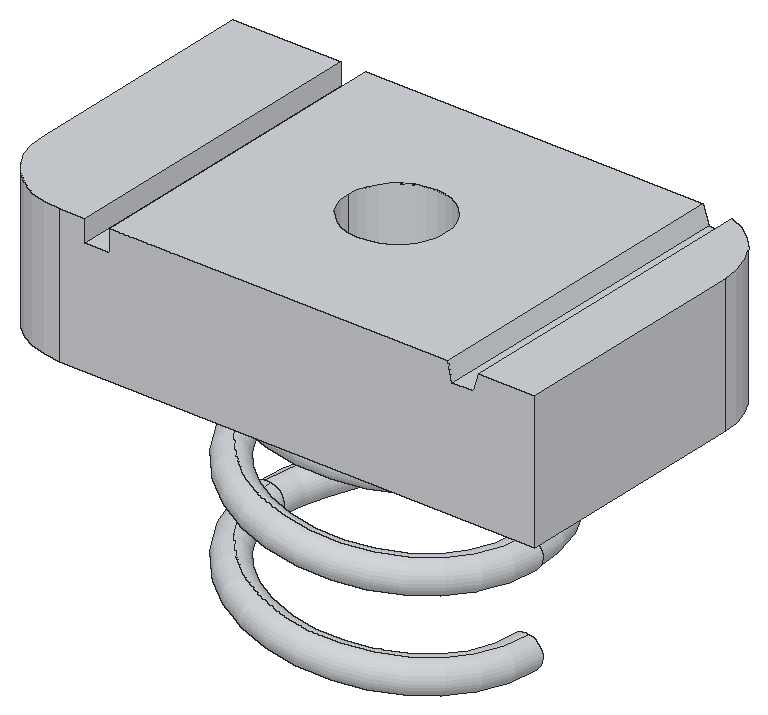
Revit family "CS24", category Generic Models, Revit 2017
Family settings
  Can host rebar = No
  Round Connector Dimension = Use Diameter
  Part Type = Normal
  Work Plane-Based = Yes
  Always vertical = No
  Cut with Voids When Loaded = No
  Shared = No
  Room Calculation Point = No
Parameters (values of type "NBS Standard Parameters")
  Weight = "0.0281Kg"
  WarrantyStartDate [instance] = "1900-12-31T23:59:59"
  WarrantyGuarantorParts = "n/a"
  WarrantyGuarantorLabor = "n/a"
  WarrantyDurationUnit = "year"
  WarrantyDurationParts = "n/a"
  WarrantyDurationLabor = "n/a"
  WarrantyDescription = "n/a"
  Version = "1"
  Uniclass2 = "Pr_65_70_11_19"
  TagNumber [instance] = "n/a"
  SustainabilityPerformance = "n/a"
  Size = "M6"
  Shape = "Rectangular"
  SerialNumber [instance] = "n/a"
  Revision = "n/a"
  ReplacementCost = "n/a"
  ProductInformation = ""
  NominalWidth = 19.5 mm
  NominalLength = 34.5 mm
  NominalHeight = 6 mm
  Name = ""
  NBSTypeID = ""
  NBSReference = "90-55-10/305"
  NBSOfficeMasterTag = ""
  NBSNote = ""
  NBSDescription = "Channel Cable Supports"
  NBSCertification = ""
  ModelReference = "CS24"
  ModelNumber = "n/a"
  Material = "Steel"
  ManufacturerURL = "www.metpro.co.uk"
  ManufacturerName = "Metpro Ltd"
  InstallationDate [instance] = "1900-12-31T23:59:59"
  IfcExportType = ""
  IfcExportAs = ""
  Grade = "BZP"
  Finish = "n/a"
  Features = "n/a"
  ExpectedLife = "n/a"
  DurationUnit = "year"
  Description = "NBS standard template"
  Default Elevation = 1219.2 mm
  Constituents = "n/a"
  Color = "n/a"
  CodePerformance = "n/a"
  Category = "n/a"
  BarCode [instance] = "n/a"
  BIMObjectName = "Role_Source_Type_Generic"
  Author = "Metpro Limited"
  AssetType = ""
  AssetIdentifier [instance] = "n/a"
  AccessibilityPerformance = "n/a"
Reference planes
  plane 1 "Center (Front/Back)": y = 0
  plane 2: z = 0
  plane 3 "Center (Left/Right)": x = 0
Forms (mm)
  Sweep 1, solid
    path origin (-26.459, 109.848, 7.46) x (0, -1, 0) y (-0.984808, 0, 0.173648)
      loop
        arc (100.907, -53) -> (108.907, -45) -> (100.907, -37) r 8
    profile origin (17.857, 0.941, -0.354) x (0, 1, 0) y (-0.173648, 0, -0.984808)
      loop
        circle (0, 0) r 1
  Sweep 2, solid
    path origin (-26.498, -91.966, -10.941) x (0, 1, 0) y (0.984808, 0, 0.173648)
      loop
        arc (100.907, 53) -> (108.907, 45) -> (100.907, 37) r 8
    profile origin (17.818, 16.941, -3.127) x (0, 1, 0) y (0.173648, 0, -0.984808)
      loop
        circle (0, 0) r 1
  Sweep 3, solid
    path origin (-26.459, 109.848, 1.962) x (0, -1, 0) y (-0.984808, 0, 0.173648)
      loop
        arc (100.907, -53) -> (108.907, -45) -> (100.907, -37) r 8
    profile origin (17.857, 0.941, -5.852) x (0, 1, 0) y (-0.173648, 0, -0.984808)
      loop
        circle (0, 0) r 1
  Sweep 4, solid
    path origin (-26.498, -91.966, -16.439) x (0, 1, 0) y (0.984808, 0, 0.173648)
      loop
        arc (100.907, 53) -> (108.907, 45) -> (100.907, 37) r 8
    profile origin (17.818, 16.941, -8.625) x (0, 1, 0) y (0.173648, 0, -0.984808)
      loop
        circle (0, 0) r 1
  Sweep 5, solid
    path origin (-26.459, 109.848, -3.515) x (0, -1, 0) y (-0.984808, 0, 0.173648)
      loop
        arc (100.907, -53) -> (108.907, -45) -> (100.907, -37) r 8
    profile origin (17.857, 0.941, -11.329) x (0, 1, 0) y (-0.173648, 0, -0.984808)
      loop
        circle (0, 0) r 1
  Extrusion 6, solid
    sketch origin (9.979, 8.941, 1.035) x (-0.173648, 0, -0.984808) y (-0.984808, 0, 0.173648)
      loop
        line (0.158, -0.256) -> (-1.146, 1.606) -> (-1.587, -0.891) -> (0.158, -0.256)
    from 0 to 0.704
  Extrusion 7, solid
    sketch origin (11.132, 8.941, 2.443) x (-1, 0, 0) y (0, -1, 0)
      loop
        line (-17.868, -9.846) -> (11.132, -9.846) -> (11.132, 4.654)
        arc (11.132, 4.654) -> (9.668, 8.189) -> (6.132, 9.654) r 5
        line (6.132, 9.654) -> (-22.868, 9.654) -> (-22.868, -4.846)
        arc (-22.868, -4.846) -> (-21.403, -8.382) -> (-17.868, -9.846) r 5
      loop
        circle (-6.725, 0) r 3
    from -2.362 to 5.968
  Extrusion 8, void
    sketch origin (-1, -0.713, 2.443) x (-1, 0, 0) y (0, 0, 1)
      loop
        line (-31.246, 4.898) -> (-29.933, 4.898) -> (-29.51, 6.498) -> (-31.754, 6.498) -> (-31.246, 4.898)
    from 0 to 25.043
  Extrusion 9, void
    sketch origin (37.8, 18.787, 2.443) x (1, 0, 0) y (0, 0, 1)
      loop
        line (-31.243, 5.968) -> (-31.243, 4.657) -> (-29.699, 4.657) -> (-29.699, 5.968) -> (-31.243, 5.968)
    from 0 to 250
Cuts and joins
  Extrusion 8, Extrusion 9 cuts Extrusion 7
Lines and regions (mm)
  model lines
    curve 1: line (26.721, 8.941, -1.917) -> (23.278, 8.941, -1.917)
    curve 2: line (26.721, 8.941, -7.415) -> (23.278, 8.941, -7.415)
Dimensions and locks
  aligned and locked: level to plane 2
